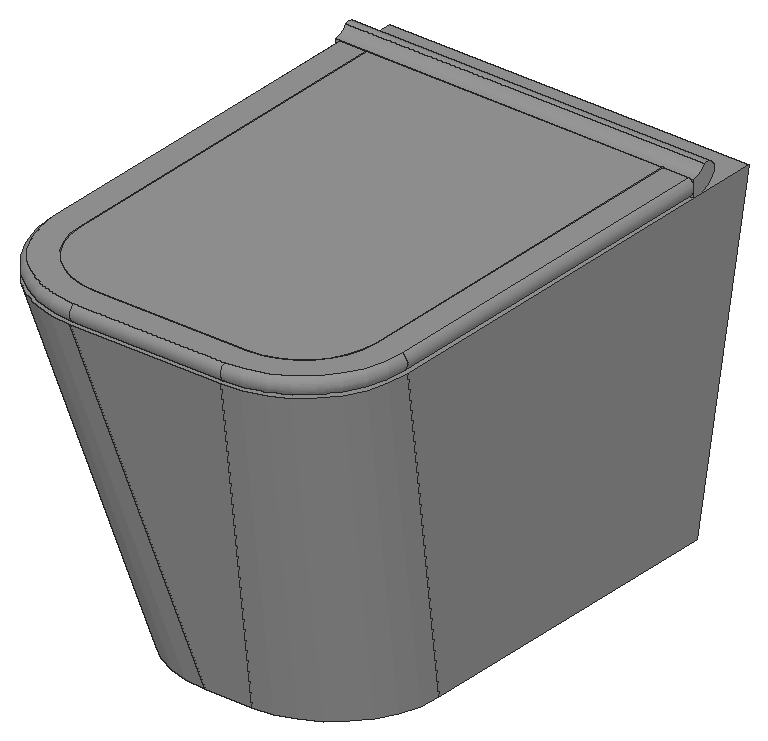
Revit family "Volta-Wall-hung", category Generic Models, Revit 2020
Family settings
  Can host rebar = No
  Round Connector Dimension = Use Diameter
  Part Type = Normal
  Work Plane-Based = No
  Always vertical = Yes
  Cut with Voids When Loaded = No
  Shared = No
  Room Calculation Point = No
Parameters
  Default Elevation = 0 mm
Reference planes
  plane 1 "Center (Front/Back)": y = 0
  plane 2: z = 0
  plane 3 "Center (Left/Right)": x = 0
Forms (mm)
  Blend 1, solid, material "ceramic white"
    base sketch origin (0, 0, 0) x (1, 0, 0) y (0, 1, 0)
      loop
        arc (72.5, -265) -> (143.211, -235.711) -> (172.5, -165) r 100
        line (172.5, -165) -> (172.5, 245) -> (-172.5, 245) -> (-172.5, -165)
        arc (-172.5, -165) -> (-143.211, -235.711) -> (-72.5, -265) r 100
        line (-72.5, -265) -> (72.5, -265)
    top sketch origin (0, 0, 0) x (1, 0, 0) y (0, 1, 0)
      loop
        line (-122.5, 245) -> (-122.5, -65)
        arc (-122.5, -65) -> (-93.211, -135.711) -> (-22.5, -165) r 100
        line (-22.5, -165) -> (22.5, -165)
        arc (22.5, -165) -> (93.211, -135.711) -> (122.5, -65) r 100
        line (122.5, -65) -> (122.5, 245) -> (-122.5, 245)
    from 0 to -340
  Blend 2, void
    base sketch origin (0, 0, 0) x (1, 0, 0) y (0, 1, 0)
      loop
        arc (77.5, -220) -> (112.855, -205.355) -> (127.5, -170) r 50
        line (127.5, -170) -> (127.5, -27.5)
        arc (127.5, -27.5) -> (0, 100) -> (-127.5, -27.5) r 127.5
        line (-127.5, -27.5) -> (-127.5, -170)
        arc (-127.5, -170) -> (-112.855, -205.355) -> (-77.5, -220) r 50
        line (-77.5, -220) -> (77.5, -220)
    top sketch origin (0, 0, 0) x (1, 0, 0) y (0, 1, 0)
      loop
        arc (-40, -60) -> (0, -100) -> (40, -60) r 40
        line (40, -60) -> (40, 0) -> (-40, 0) -> (-40, -60)
    from 0 to -297.465
  Sweep 3, solid, material "ceramic white"
    path origin (0, 0, 0) x (1, 0, 0) y (0, 1, 0)
      loop
        line (172.5, 179.563) -> (172.5, -165)
        arc (172.5, -165) -> (143.211, -235.711) -> (72.5, -265) r 100
        line (72.5, -265) -> (-72.5, -265)
        arc (-72.5, -265) -> (-143.211, -235.711) -> (-172.5, -165) r 100
        line (-172.5, -165) -> (-172.5, 179.563)
    profile origin (172.5, 7.282, 0) x (1, 0, 0) y (0, 0, 1)
      loop
        arc (-4.958, 0.625) -> (-0.093, 8.625) -> (-4.958, 16.625) r 9.01
        line (-4.958, 16.625) -> (-29.958, 16.625) -> (-29.958, 0.625) -> (-4.958, 0.625)
  Extrusion 4, solid, material "ceramic white"
    sketch origin (0, 0, 0) x (1, 0, 0) y (0, 1, 0)
      loop
        line (142.542, -165) -> (142.542, 179.563) -> (-142.542, 179.563) -> (-142.542, -165)
        arc (-142.542, -165) -> (-122.027, -214.527) -> (-72.5, -235.042) r 70.042
        line (-72.5, -235.042) -> (72.5, -235.042)
        arc (72.5, -235.042) -> (122.027, -214.527) -> (142.542, -165) r 70.042
    from 0.625 to 16.625
  Extrusion 5, solid, material "ceramic white"
    sketch origin (0, 0, 0) x (0, 1, 0) y (0, 0, 1)
      loop
        line (179.563, 16.625) -> (179.563, 0.625)
        arc (179.563, 0.625) -> (193.569, 3.031) -> (203.16, 13.518) r 21.931
        arc (203.16, 13.518) -> (201.47, 22.435) -> (192.553, 24.125) r 8.059
        arc (192.553, 24.125) -> (186.957, 18.818) -> (179.563, 16.625) r 16.546
    from -172.5 to 172.5
  Revolve 6, solid, material "ceramic white"
    sketch origin (0, 0, 0) x (0, 1, 0) y (0, 0, 1)
      loop
        line (0, -380) -> (0, -269.914) -> (-59.213, -269.914)
        arc (-59.213, -269.914) -> (-63.411, -343.14) -> (0, -380) r 70.075
      axis (0, -380) -> (0, -269.914)
    angle from 0 to 360
Cuts and joins
  Blend 2 cuts Blend 1
Dimensions and locks
  aligned and locked: level to plane 2
  aligned and locked: Blend 2 sketch curve to import instance
